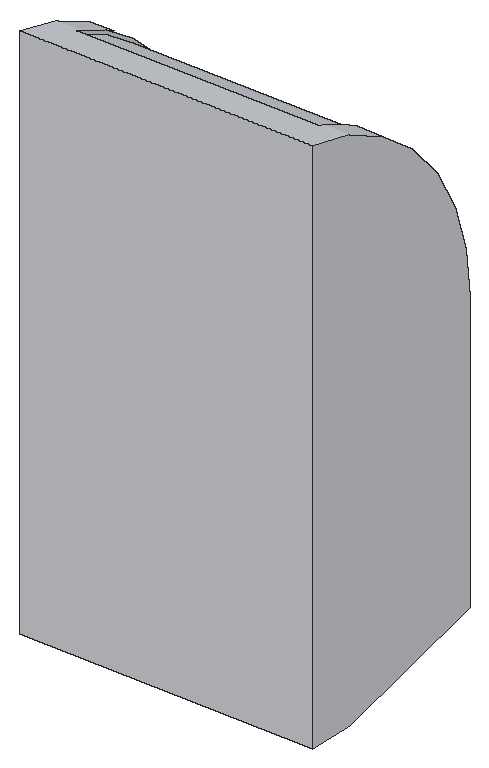
Revit family "DAN DRYER Stainless Design Mini Design 284", category Furniture Systems, host Wall, Revit 2017
Family settings
  Host = Wall
  Round Connector Dimension = Use Diameter
  Part Type = Normal
  Always vertical = Yes
  Cut with Voids When Loaded = No
  Shared = No
  Room Calculation Point = No
Parameters (values of type "Stål")
  Wicth = 380 mm
  URL = "http://www.dandryer.com/Files/Billeder/PDF/Datablade/Nye/Technical%20data%20sheet_%20284.pdf"
  Type Image = <None>
  Offset from Floor = 1000 mm
  Model = "Stainless design"
  Manufacturer = "http://www.dandryer.com/"
  Height = 700 mm
  Description = "STAINLESS DESIGN waste bin Art. no. 284"
  Cost = 0
Reference planes
  plane 1 "Wall": y = 0
  plane 2 "Center (Left/Right)": x = 125
  plane 3 "Back": y = 75
  plane 4 "Top": z = 1000
  plane 5 "Bund": z = 300
  plane 6: x = 315
  plane 7: x = -65
Forms (mm)
  Extrusion 1, solid
    sketch origin (125, 0, 0) x (0, 1, 0) y (0, 0, 1)
      loop
        line (75, 300) -> (135, 300) -> (329, 351.982) -> (329, 711.982)
        arc (329, 711.982) -> (256.429, 903.991) -> (75, 1000) r 290.296
        line (75, 1000) -> (75, 300)
    from -190 to 190
  Extrusion 2, void
    sketch origin (125, 0, 0) x (0, 1, 0) y (0, 0, 1)
      loop
        arc (307.809, 820.858) -> (236.569, 924.4) -> (128.239, 988.125) r 290.296
        line (128.239, 988.125) -> (127.215, 984.966)
        arc (127.215, 984.966) -> (232.918, 920.774) -> (303.116, 818.959) r 295.639
        line (303.116, 818.959) -> (307.809, 820.858)
    from -158.21 to 156.305
Cuts and joins
  Extrusion 2 cuts Extrusion 1
Text (mm)
  text "Placement Side" at (-1848.837, 1116.779, 0), in view "Ref. Level"
  text "Placement side" at (0, 1409.804, 2854.306), in view "Left"
  text "Placement side" at (0, 499.811, 2980.732), in view "Right"
Dimensions and locks
  locked: plane 3 "Back" to host wall
  "Height": plane 5 "Bund" to plane 4 "Top"
  equal spacing: plane 7, plane 2 "Center (Left/Right)", plane 6
  "Wicth": plane 7 to plane 6
  "Offset from Floor": level to plane 4 "Top"
  aligned and locked: plane 1 "Wall" to host wall
  aligned and locked: Extrusion 1 sketch curve to host wall
  aligned and locked: Extrusion 1 to plane 7
  aligned and locked: Extrusion 1 to plane 6
Automatic sketch dimensions
  Extrusion 1 sketch curve to plane 5 "Bund" = 0 mm
  Extrusion 1 sketch curve to plane 4 "Top" = 0 mm
  Extrusion 1 sketch curve to host wall = 36.296 mm
  Extrusion 1 sketch curve to Extrusion 1 sketch curve = 60 mm
  plane 5 "Bund" to Extrusion 1 sketch curve = 51.982 mm
  Extrusion 1 sketch curve to Extrusion 1 sketch curve = 194 mm
  host wall to Extrusion 2 sketch curve = 53.239 mm
  Extrusion 2 sketch curve to plane 4 "Top" = 11.875 mm
  Extrusion 2 sketch curve to host wall = 36.296 mm
  Extrusion 2 sketch curve to host wall = 30.005 mm
  Extrusion 2 sketch curve to Extrusion 2 sketch curve = 6.217 mm
  host wall to Extrusion 2 sketch curve = 52.215 mm
  Extrusion 2 sketch curve to Extrusion 2 sketch curve = 4.694 mm
  Extrusion 2 sketch curve to plane 4 "Top" = 179.142 mm
  Extrusion 2 sketch curve to Extrusion 2 sketch curve = 3.16 mm
  host wall to Extrusion 2 sketch curve = 228.116 mm
